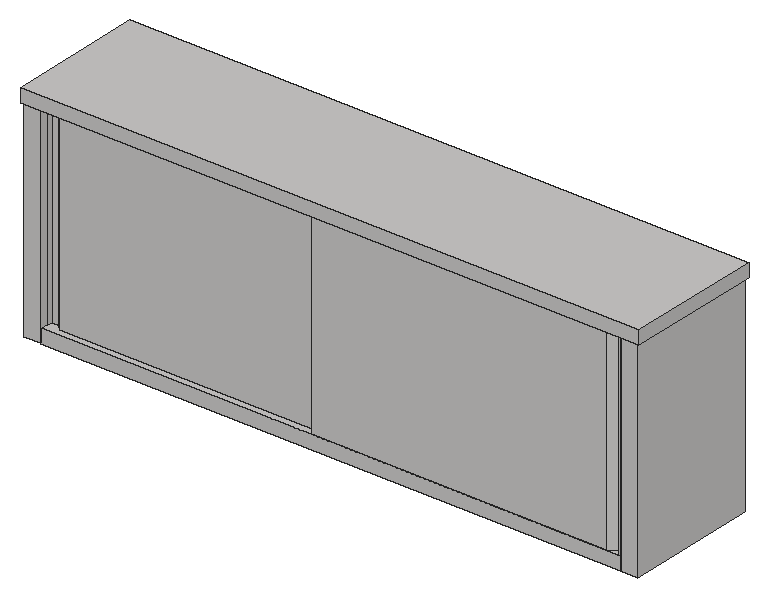
Revit family "QF_ELECTROLUXPROFESSIONAL_132834_PS1800LCN", category Attrezzature speciali, Revit 2020
Family settings
  Quota connettore circolare = Usa diametro
  Tipo di parte = Normale
  Basato su piano di lavoro = No
  Sempre verticale = Sì
  Taglio con vuoti quando caricato = No
  Condiviso = No
  Punto di calcolo locali = No
Parameters (values of type "Standard")
  Weight = 35.00 kg
  Watts = 0 W
  Volts = 0 V
  URL Manufacturer = "https://www.electroluxprofessional.com/"
  URL = "https://www.electroluxprofessional.com/"
  Steam Supply Size = 0 mm
  Steam Supply Minimum Pressure = 0.0 Pa
  Steam Supply Maximum Pressure = 0.0 Pa
  Steam Consumption per Hour = 0
  Refrigeration Suction Line Size = 0.0 mm
  Refrigeration Liquid Line Size = 0.0 mm
  Refrigerant Compressor Remote = yes
  Prospetto di default = 0.0 mm
  Produttore = "Electrolux Professional"
  Phase = 0
  Modello = "PS1800LCN"
  Length Actual = 1800.0 mm  # constant formula
  Item Number = "132834"
  Hot Water Size = 0 mm
  Height Actual = 650.0 mm  # constant formula
  HP = "0 HP"
  Gas Size = 0 mm
  Gas KW = 0
  Gas Input Pressure = 0 W
  Direct Waste Size = 0 mm
  Descrizione = "WALL CUPBOARD W/2 SLIDING DOORS 1800 MM"
  Depth Actual = 400.0 mm  # constant formula
  Cycle = 0 Hz
  Condensate Return Size = 0 mm
  Compressed Air Volume = 0.0 L/s
  Compressed Air Size = 0 mm
  Compressed Air Pressure = 0.0 Pa
  Cold Water Size = 0 mm
  Accessory = yes
Reference planes
  plane 1 "Center (Front/Back)": y = 0
  plane 2: z = 0
  plane 3 "Center (Left/Right)": x = -400
  plane 4 "LEFT": x = -1300
  plane 5 "RIGHT": x = 500
  plane 6 "BACK": y = 200
  plane 7 "FRONT": y = -200
  plane 8 "Base": z = 2160
  plane 9 "TOP": z = 2200
  plane 10 "BodyLeft": x = -1294.5
  plane 11 "BodyFront": y = -194.5
  plane 12 "BodyRight": x = 494.5
  plane 13 "BodyBack": y = 194.5
  plane 14 "FEET": z = 1550
  plane 15: x = -344.5
  plane 16: x = -455.5
Forms (mm)
  Extrusion 1, solid, material "QF_Finishes_Stainless Steel"
    sketch origin (-400, 0, 0) x (0, 1, 0) y (0, 0, 1)
      loop
        line (-200, 2160) -> (200, 2160) -> (200, 2200) -> (-200, 2200) -> (-200, 2160)
    from 900 to -900
  Extrusion 2, solid, material "QF_Finishes_Stainless Steel"
    sketch origin (0, 0, 1550) x (-1, 0, 0) y (0, -1, 0)
      loop
        line (1294.5, -194.5) -> (1294.5, 194.5) -> (1244.5, 194.5) -> (1244.5, -194.5) -> (1294.5, -194.5)
      loop
        line (-444.5, -194.5) -> (-444.5, 194.5) -> (-494.5, 194.5) -> (-494.5, -194.5) -> (-444.5, -194.5)
    from 0 to 610
  Extrusion 3, solid, material "QF_Finishes_Stainless Steel"
    sketch origin (0, 0, 1550) x (-1, 0, 0) y (0, -1, 0)
      loop
        line (1243.585, -194.5) -> (1243.585, 194.5) -> (-444.5, 194.5) -> (-444.5, -194.5) -> (1243.585, -194.5)
    from 0 to 40
  Extrusion 4, solid, material "QF_Finishes_Stainless Steel"
    sketch origin (0, 0, 1550) x (-1, 0, 0) y (0, -1, 0)
      loop
        line (1243.585, -194.5) -> (1243.585, -144.5) -> (-444.5, -144.5) -> (-444.5, -194.5) -> (1243.585, -194.5)
    from 40 to 610
  Extrusion 5, solid, material "QF_Finishes_Stainless Steel"
    sketch origin (0, 0, 1550) x (-1, 0, 0) y (0, -1, 0)
      loop
        line (-444.5, 194.5) -> (-444.5, 174.5) -> (455.5, 174.5) -> (455.5, 194.5) -> (-404.5, 194.5) -> (-424.5, 179.5) -> (-439.5, 179.5) -> (-439.5, 194.5) -> (-444.5, 194.5)
    from 40 to 610
  Extrusion 6, solid, material "QF_Finishes_Stainless Steel"
    sketch origin (0, 20, 1550) x (1, 0, 0) y (0, 1, 0)
      loop
        line (-1244.5, -194.5) -> (-1239.5, -194.5) -> (-1239.5, -179.5) -> (-1224.5, -179.5) -> (-1204.5, -194.5) -> (-344.5, -194.5) -> (-344.5, -174.5) -> (-1244.5, -174.5) -> (-1244.5, -194.5)
    from 40 to 610
Lines and regions (mm)
  symbolic lines
    curve 1: line (500, 200, 2200) -> (-1300, 200, 2200)
    curve 2: line (-1300, 200, 2200) -> (-1300, -200, 2200)
    curve 3: line (-1300, -200, 2200) -> (500, -200, 2200)
    curve 4: line (500, -200, 2200) -> (500, 200, 2200)
    curve 5: line (-1300, -200, 1550) -> (500, 200, 1550)
  symbolic lines, style "SpecialityEquipmentHiddenLines"
    curve 6: line (-1294.5, 194.5, 1550) -> (494.5, 194.5, 1550)
    curve 7: line (-1294.5, -194.5, 1550) -> (-1294.5, 194.5, 1550)
    curve 8: line (494.5, -194.5, 1550) -> (-1294.5, -194.5, 1550)
    curve 9: line (494.5, 194.5, 1550) -> (494.5, -194.5, 1550)
    curve 10: line (-1244.5, -154.5, 1550) -> (-344.5, -154.5, 1550)
    curve 11: line (-1244.5, -174.5, 1550) -> (-1244.5, -154.5, 1550)
    curve 12: line (444.5, -174.5, 1550) -> (-1244.5, -174.5, 1550)
    curve 13: line (-344.5, -154.5, 1550) -> (-344.5, -174.5, 1550)
    curve 14: line (-455.5, -174.5, 1550) -> (-455.5, -194.5, 1550)
    curve 15: line (444.5, -174.5, 1550) -> (444.5, -194.5, 1550)
Dimensions and locks
  plane 4 "LEFT" to plane 5 "RIGHT" = 1800.0 mm
  equal spacing: plane 4 "LEFT", plane 3 "Center (Left/Right)", plane 5 "RIGHT"
  locked: plane 8 "Base" to level at 2160
  locked: plane 9 "TOP" to level at 2200
  plane 6 "BACK" to plane 7 "FRONT" = 400.0 mm
  equal spacing: plane 6 "BACK", plane 1 "Center (Front/Back)", plane 7 "FRONT"
  locked: plane 4 "LEFT" to plane 10 "BodyLeft" at 5.5
  locked: plane 12 "BodyRight" to plane 5 "RIGHT" at 5.5
  locked: plane 11 "BodyFront" to plane 7 "FRONT" at 5.5
  locked: plane 6 "BACK" to plane 13 "BodyBack" at 5.5
  locked: plane 10 "BodyLeft" to Extrusion 2 sketch curve at 50
  locked: Extrusion 2 sketch curve to Extrusion 2 sketch curve at 50
  Extrusion 3 to Extrusion 4 sketch curve = 50.0 mm
  Extrusion 2 to plane 15 = 900.0 mm
  plane 16 to Extrusion 2 = 900.0 mm
  plane 9 "TOP" to plane 14 "FEET" = 650.0 mm
  locked: plane 8 "Base" to Extrusion 3 at 570
  aligned and locked: level to plane 2
  aligned and locked: Extrusion 1 to plane 4 "LEFT"
  aligned and locked: plane 5 "RIGHT" to Extrusion 1
  aligned and locked: curve 2 to plane 4 "LEFT"
  aligned and locked: plane 13 "BodyBack" to Extrusion 2 sketch curve
  aligned and locked: Extrusion 2 sketch curve to plane 11 "BodyFront"
  aligned and locked: Extrusion 2 sketch curve to plane 10 "BodyLeft"
  aligned and locked: plane 12 "BodyRight" to Extrusion 2 sketch curve
  aligned and locked: Extrusion 2 sketch curve to plane 13 "BodyBack"
  aligned and locked: plane 11 "BodyFront" to Extrusion 2 sketch curve
  aligned and locked: Extrusion 3 sketch curve to plane 13 "BodyBack"
  aligned and locked: plane 11 "BodyFront" to Extrusion 3 sketch curve
  aligned and locked: plane 8 "Base" to Extrusion 2
  aligned and locked: Extrusion 4 sketch curve to Extrusion 3
  aligned and locked: plane 8 "Base" to Extrusion 5
  aligned and locked: Extrusion 5 to Extrusion 3
  aligned and locked: Extrusion 6 sketch curve to plane 15
  aligned and locked: Extrusion 5 sketch curve to plane 16
  aligned and locked: Extrusion 1 to plane 8 "Base"
  aligned and locked: plane 9 "TOP" to Extrusion 1
  aligned and locked: curve 6 to plane 13 "BodyBack"
  aligned and locked: plane 11 "BodyFront" to curve 8
  aligned and locked: plane 12 "BodyRight" to curve 9
  aligned and locked: plane 10 "BodyLeft" to curve 7
Automatic sketch dimensions
  curve 3 to plane 7 "FRONT" = 0.0 mm
  curve 4 to plane 6 "BACK" = 0.0 mm
  Extrusion 1 sketch curve to plane 7 "FRONT" = 0.0 mm
  plane 9 "TOP" to Extrusion 1 sketch curve = 0.0 mm
  Extrusion 1 sketch curve to plane 6 "BACK" = 0.0 mm
  Extrusion 1 sketch curve to plane 8 "Base" = 0.0 mm
  Extrusion 5 sketch curve to plane 11 "BodyFront" = 0.0 mm  (x2)
  Extrusion 5 sketch curve to Extrusion 5 sketch curve = 5.0 mm
  Extrusion 5 sketch curve to Extrusion 5 sketch curve = 15.0 mm
  Extrusion 5 sketch curve to Extrusion 5 sketch curve = 20.0 mm
  plane 11 "BodyFront" to Extrusion 5 sketch curve = 15.0 mm
  plane 11 "BodyFront" to Extrusion 5 sketch curve = 20.0 mm
  Extrusion 6 sketch curve to plane 11 "BodyFront" = 20.0 mm  (x2)
  Extrusion 6 sketch curve to Extrusion 6 sketch curve = 5.0 mm
  Extrusion 6 sketch curve to Extrusion 6 sketch curve = 15.0 mm
  Extrusion 6 sketch curve to Extrusion 6 sketch curve = 20.0 mm  (x2)
  Extrusion 6 sketch curve to plane 11 "BodyFront" = 35.0 mm
  plane 10 "BodyLeft" to Extrusion 3 sketch curve = 50.915 mm
  plane 10 "BodyLeft" to Extrusion 4 sketch curve = 50.915 mm
  Extrusion 6 sketch curve to plane 10 "BodyLeft" = 90.0 mm
  plane 12 "BodyRight" to Extrusion 3 sketch curve = 50.0 mm
  plane 12 "BodyRight" to Extrusion 4 sketch curve = 50.0 mm
  plane 12 "BodyRight" to Extrusion 5 sketch curve = 90.0 mm
  curve 4 to plane 5 "RIGHT" = 0.0 mm
  curve 5 to plane 5 "RIGHT" = 0.0 mm
  curve 13 to plane 15 = 0.0 mm
  curve 14 to plane 16 = 0.0 mm
  curve 5 to plane 4 "LEFT" = 0.0 mm
  curve 5 to plane 6 "BACK" = 0.0 mm
  curve 5 to plane 7 "FRONT" = 0.0 mm
  plane 10 "BodyLeft" to curve 11 = 50.0 mm
  plane 11 "BodyFront" to curve 13 = 40.0 mm
  plane 11 "BodyFront" to curve 12 = 20.0 mm
  plane 12 "BodyRight" to curve 15 = 50.0 mm
